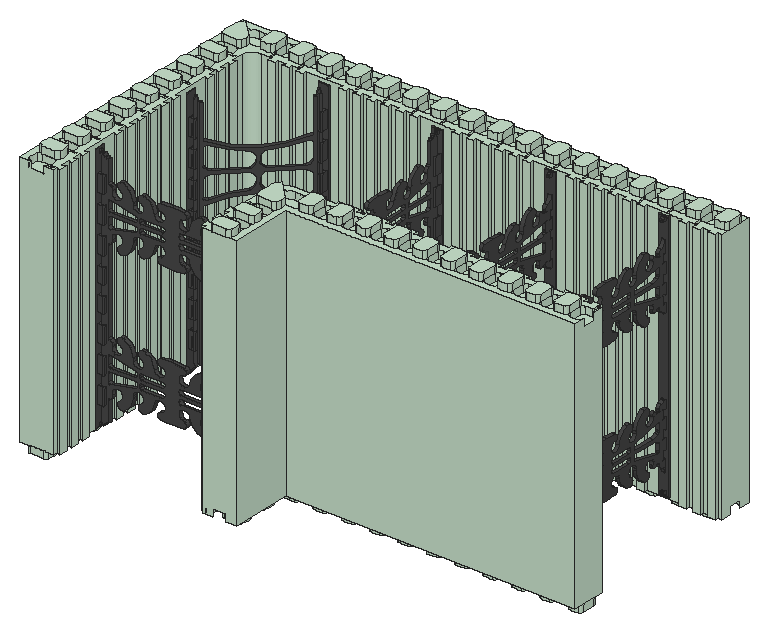
Revit family "ICF- NUDURA 10-inch- 90 Degree Form Unit- Imperial", category Generic Models, Revit 2010 (continued)
Forms (in)
  Extrusion 50, void
    sketch origin (4, 2, 0) x (-1, 0, 0) y (0, -1, 0)
      loop
        arc (-1, -3.97692) -> (-1.04785, -3.82983) -> (-1.17308, -3.73905) r 0.25
        arc (-1.17308, -3.73905) -> (-1.42092, -3.69045) -> (-1.67323, -3.70172) r 1.0625
        arc (-1.67323, -3.70172) -> (-1.72385, -3.68771) -> (-1.74592, -3.64005) r 0.0625
        line (-1.74592, -3.64005) -> (-1.74592, -3.41845) -> (-1.91675, -3.41845) -> (-1.91675, -3.76455)
        arc (-1.91675, -3.76455) -> (-1.92106, -3.78736) -> (-1.9334, -3.80702) r 0.0625
        arc (-1.9334, -3.80702) -> (-1.98276, -3.88568) -> (-2, -3.97692) r 0.25
        line (-2, -3.97692) -> (-2, -4.89808)
        arc (-2, -4.89808) -> (-1.95215, -5.04517) -> (-1.82692, -5.13595) r 0.25
    from 0 to 0.5
  Extrusion 51, void
    sketch origin (6, 2, 0) x (-1, 0, 0) y (0, -1, 0)
      loop
        arc (-1.82692, -5.13595) -> (-1.5, -5.1875) -> (-1.17308, -5.13595) r 1.0625
        arc (-1.17308, -5.13595) -> (-1.04785, -5.04517) -> (-1, -4.89808) r 0.25
        line (-1, -4.89808) -> (-1, -3.97692)
        arc (-1, -3.97692) -> (-1.04785, -3.82983) -> (-1.17308, -3.73905) r 0.25
        arc (-1.17308, -3.73905) -> (-1.42092, -3.69045) -> (-1.67323, -3.70172) r 1.0625
        arc (-1.67323, -3.70172) -> (-1.72385, -3.68771) -> (-1.74592, -3.64005) r 0.0625
        line (-1.74592, -3.64005) -> (-1.74592, -3.41845) -> (-1.91675, -3.41845) -> (-1.91675, -3.76455)
        arc (-1.91675, -3.76455) -> (-1.92106, -3.78736) -> (-1.9334, -3.80702) r 0.0625
        arc (-1.9334, -3.80702) -> (-1.98276, -3.88568) -> (-2, -3.97692) r 0.25
        line (-2, -3.97692) -> (-2, -4.89808)
        arc (-2, -4.89808) -> (-1.95215, -5.04517) -> (-1.82692, -5.13595) r 0.25
    from 0 to 0.5
  Extrusion 52, void
    sketch origin (8, 2, 0) x (-1, 0, 0) y (0, -1, 0)
      loop
        arc (-1.82692, -5.13595) -> (-1.5, -5.1875) -> (-1.17308, -5.13595) r 1.0625
        arc (-1.17308, -5.13595) -> (-1.04785, -5.04517) -> (-1, -4.89808) r 0.25
        line (-1, -4.89808) -> (-1, -3.97692)
        arc (-1, -3.97692) -> (-1.04785, -3.82983) -> (-1.17308, -3.73905) r 0.25
        arc (-1.17308, -3.73905) -> (-1.42092, -3.69045) -> (-1.67323, -3.70172) r 1.0625
        arc (-1.67323, -3.70172) -> (-1.72385, -3.68771) -> (-1.74592, -3.64005) r 0.0625
        line (-1.74592, -3.64005) -> (-1.74592, -3.41845) -> (-1.91675, -3.41845) -> (-1.91675, -3.76455)
        arc (-1.91675, -3.76455) -> (-1.92106, -3.78736) -> (-1.9334, -3.80702) r 0.0625
        arc (-1.9334, -3.80702) -> (-1.98276, -3.88568) -> (-2, -3.97692) r 0.25
        line (-2, -3.97692) -> (-2, -4.89808)
        arc (-2, -4.89808) -> (-1.95215, -5.04517) -> (-1.82692, -5.13595) r 0.25
    from 0 to 0.5
  Extrusion 53, void
    sketch origin (10, 2, 0) x (-1, 0, 0) y (0, -1, 0)
      loop
        arc (-1.82692, -5.13595) -> (-1.5, -5.1875) -> (-1.17308, -5.13595) r 1.0625
        arc (-1.17308, -5.13595) -> (-1.04785, -5.04517) -> (-1, -4.89808) r 0.25
        line (-1, -4.89808) -> (-1, -3.97692)
        arc (-1, -3.97692) -> (-1.04785, -3.82983) -> (-1.17308, -3.73905) r 0.25
        arc (-1.17308, -3.73905) -> (-1.42092, -3.69045) -> (-1.67323, -3.70172) r 1.0625
        arc (-1.67323, -3.70172) -> (-1.72385, -3.68771) -> (-1.74592, -3.64005) r 0.0625
        line (-1.74592, -3.64005) -> (-1.74592, -3.41845) -> (-1.91675, -3.41845) -> (-1.91675, -3.76455)
        arc (-1.91675, -3.76455) -> (-1.92106, -3.78736) -> (-1.9334, -3.80702) r 0.0625
        arc (-1.9334, -3.80702) -> (-1.98276, -3.88568) -> (-2, -3.97692) r 0.25
        line (-2, -3.97692) -> (-2, -4.89808)
        arc (-2, -4.89808) -> (-1.95215, -5.04517) -> (-1.82692, -5.13595) r 0.25
    from 0 to 0.5
  Extrusion 54, void
    sketch origin (12, 2, 0) x (-1, 0, 0) y (0, -1, 0)
      loop
        arc (-1.82692, -5.13595) -> (-1.5, -5.1875) -> (-1.17308, -5.13595) r 1.0625
        arc (-1.17308, -5.13595) -> (-1.04785, -5.04517) -> (-1, -4.89808) r 0.25
        line (-1, -4.89808) -> (-1, -3.97692)
        arc (-1, -3.97692) -> (-1.04785, -3.82983) -> (-1.17308, -3.73905) r 0.25
        arc (-1.17308, -3.73905) -> (-1.42092, -3.69045) -> (-1.67323, -3.70172) r 1.0625
        arc (-1.67323, -3.70172) -> (-1.72385, -3.68771) -> (-1.74592, -3.64005) r 0.0625
        line (-1.74592, -3.64005) -> (-1.74592, -3.41845) -> (-1.91675, -3.41845) -> (-1.91675, -3.76455)
        arc (-1.91675, -3.76455) -> (-1.92106, -3.78736) -> (-1.9334, -3.80702) r 0.0625
        arc (-1.9334, -3.80702) -> (-1.98276, -3.88568) -> (-2, -3.97692) r 0.25
        line (-2, -3.97692) -> (-2, -4.89808)
        arc (-2, -4.89808) -> (-1.95215, -5.04517) -> (-1.82692, -5.13595) r 0.25
    from 0 to 0.5
  Extrusion 55, void
    sketch origin (14, 2, 0) x (-1, 0, 0) y (0, -1, 0)
      loop
        arc (-1.82692, -5.13595) -> (-1.5, -5.1875) -> (-1.17308, -5.13595) r 1.0625
        arc (-1.17308, -5.13595) -> (-1.04785, -5.04517) -> (-1, -4.89808) r 0.25
        line (-1, -4.89808) -> (-1, -3.97692)
        arc (-1, -3.97692) -> (-1.04785, -3.82983) -> (-1.17308, -3.73905) r 0.25
        arc (-1.17308, -3.73905) -> (-1.42092, -3.69045) -> (-1.67323, -3.70172) r 1.0625
        arc (-1.67323, -3.70172) -> (-1.72385, -3.68771) -> (-1.74592, -3.64005) r 0.0625
        line (-1.74592, -3.64005) -> (-1.74592, -3.41845) -> (-1.91675, -3.41845) -> (-1.91675, -3.76455)
        arc (-1.91675, -3.76455) -> (-1.92106, -3.78736) -> (-1.9334, -3.80702) r 0.0625
        arc (-1.9334, -3.80702) -> (-1.98276, -3.88568) -> (-2, -3.97692) r 0.25
        line (-2, -3.97692) -> (-2, -4.89808)
        arc (-2, -4.89808) -> (-1.95215, -5.04517) -> (-1.82692, -5.13595) r 0.25
    from 0 to 0.5
  Extrusion 56, void
    sketch origin (16, 2, 0) x (-1, 0, 0) y (0, -1, 0)
      loop
        arc (-1.82692, -5.13595) -> (-1.5, -5.1875) -> (-1.17308, -5.13595) r 1.0625
        arc (-1.17308, -5.13595) -> (-1.04785, -5.04517) -> (-1, -4.89808) r 0.25
        line (-1, -4.89808) -> (-1, -3.97692)
        arc (-1, -3.97692) -> (-1.04785, -3.82983) -> (-1.17308, -3.73905) r 0.25
        arc (-1.17308, -3.73905) -> (-1.42092, -3.69045) -> (-1.67323, -3.70172) r 1.0625
        arc (-1.67323, -3.70172) -> (-1.72385, -3.68771) -> (-1.74592, -3.64005) r 0.0625
        line (-1.74592, -3.64005) -> (-1.74592, -3.41845) -> (-1.91675, -3.41845) -> (-1.91675, -3.76455)
        arc (-1.91675, -3.76455) -> (-1.92106, -3.78736) -> (-1.9334, -3.80702) r 0.0625
        arc (-1.9334, -3.80702) -> (-1.98276, -3.88568) -> (-2, -3.97692) r 0.25
        line (-2, -3.97692) -> (-2, -4.89808)
        arc (-2, -4.89808) -> (-1.95215, -5.04517) -> (-1.82692, -5.13595) r 0.25
    from 0 to 0.5
  Extrusion 57, void
    sketch origin (18, 2, 0) x (-1, 0, 0) y (0, -1, 0)
      loop
        arc (-1.82692, -5.13595) -> (-1.5, -5.1875) -> (-1.17308, -5.13595) r 1.0625
        arc (-1.17308, -5.13595) -> (-1.04785, -5.04517) -> (-1, -4.89808) r 0.25
        line (-1, -4.89808) -> (-1, -3.97692)
        arc (-1, -3.97692) -> (-1.04785, -3.82983) -> (-1.17308, -3.73905) r 0.25
        arc (-1.17308, -3.73905) -> (-1.42092, -3.69045) -> (-1.67323, -3.70172) r 1.0625
        arc (-1.67323, -3.70172) -> (-1.72385, -3.68771) -> (-1.74592, -3.64005) r 0.0625
        line (-1.74592, -3.64005) -> (-1.74592, -3.41845) -> (-1.91675, -3.41845) -> (-1.91675, -3.76455)
        arc (-1.91675, -3.76455) -> (-1.92106, -3.78736) -> (-1.9334, -3.80702) r 0.0625
        arc (-1.9334, -3.80702) -> (-1.98276, -3.88568) -> (-2, -3.97692) r 0.25
        line (-2, -3.97692) -> (-2, -4.89808)
        arc (-2, -4.89808) -> (-1.95215, -5.04517) -> (-1.82692, -5.13595) r 0.25
    from 0 to 0.5
  Extrusion 58, void
    sketch origin (20, 2, 0) x (-1, 0, 0) y (0, -1, 0)
      loop
        arc (-1.82692, -5.13595) -> (-1.5, -5.1875) -> (-1.17308, -5.13595) r 1.0625
        arc (-1.17308, -5.13595) -> (-1.04785, -5.04517) -> (-1, -4.89808) r 0.25
        line (-1, -4.89808) -> (-1, -3.97692)
        arc (-1, -3.97692) -> (-1.04785, -3.82983) -> (-1.17308, -3.73905) r 0.25
        arc (-1.17308, -3.73905) -> (-1.42092, -3.69045) -> (-1.67323, -3.70172) r 1.0625
        arc (-1.67323, -3.70172) -> (-1.72385, -3.68771) -> (-1.74592, -3.64005) r 0.0625
        line (-1.74592, -3.64005) -> (-1.74592, -3.41845) -> (-1.91675, -3.41845) -> (-1.91675, -3.76455)
        arc (-1.91675, -3.76455) -> (-1.92106, -3.78736) -> (-1.9334, -3.80702) r 0.0625
        arc (-1.9334, -3.80702) -> (-1.98276, -3.88568) -> (-2, -3.97692) r 0.25
        line (-2, -3.97692) -> (-2, -4.89808)
        arc (-2, -4.89808) -> (-1.95215, -5.04517) -> (-1.82692, -5.13595) r 0.25
    from 0 to 0.5
  Extrusion 59, void
    sketch origin (22, 2, 0) x (-1, 0, 0) y (0, -1, 0)
      loop
        arc (-1.82692, -5.13595) -> (-1.5, -5.1875) -> (-1.17308, -5.13595) r 1.0625
        arc (-1.17308, -5.13595) -> (-1.04785, -5.04517) -> (-1, -4.89808) r 0.25
        line (-1, -4.89808) -> (-1, -3.97692)
        arc (-1, -3.97692) -> (-1.04785, -3.82983) -> (-1.17308, -3.73905) r 0.25
        arc (-1.17308, -3.73905) -> (-1.42092, -3.69045) -> (-1.67323, -3.70172) r 1.0625
        arc (-1.67323, -3.70172) -> (-1.72385, -3.68771) -> (-1.74592, -3.64005) r 0.0625
        line (-1.74592, -3.64005) -> (-1.74592, -3.41845) -> (-1.91675, -3.41845) -> (-1.91675, -3.76455)
        arc (-1.91675, -3.76455) -> (-1.92106, -3.78736) -> (-1.9334, -3.80702) r 0.0625
        arc (-1.9334, -3.80702) -> (-1.98276, -3.88568) -> (-2, -3.97692) r 0.25
        line (-2, -3.97692) -> (-2, -4.89808)
        arc (-2, -4.89808) -> (-1.95215, -5.04517) -> (-1.82692, -5.13595) r 0.25
    from 0 to 0.5
  Extrusion 60, void
    sketch origin (2, -20, 0) x (1, 0, 0) y (0, 1, 0)
      loop
        arc (3.97692, 9) -> (3.82983, 8.95215) -> (3.73905, 8.82692) r 0.25
        arc (3.73905, 8.82692) -> (3.69045, 8.57908) -> (3.70172, 8.32677) r 1.0625
        arc (3.70172, 8.32677) -> (3.68771, 8.27615) -> (3.64005, 8.25408) r 0.0625
        line (3.64005, 8.25408) -> (3.41845, 8.25408) -> (3.41845, 8.08325) -> (3.76455, 8.08325)
        arc (3.76455, 8.08325) -> (3.78736, 8.07894) -> (3.80702, 8.0666) r 0.0625
        arc (3.80702, 8.0666) -> (3.88568, 8.01724) -> (3.97692, 8) r 0.25
        line (3.97692, 8) -> (4.89808, 8)
        arc (4.89808, 8) -> (5.04517, 8.04785) -> (5.13595, 8.17308) r 0.25
        arc (5.13595, 8.17308) -> (5.1875, 8.5) -> (5.13595, 8.82692) r 1.0625
        arc (5.13595, 8.82692) -> (5.04517, 8.95215) -> (4.89808, 9) r 0.25
        line (4.89808, 9) -> (3.97692, 9)
    from 0 to 0.5
  Extrusion 61, void
    sketch origin (2, -18, 0) x (1, 0, 0) y (0, 1, 0)
      loop
        arc (3.97692, 9) -> (3.82983, 8.95215) -> (3.73905, 8.82692) r 0.25
        arc (3.73905, 8.82692) -> (3.69045, 8.57908) -> (3.70172, 8.32677) r 1.0625
        arc (3.70172, 8.32677) -> (3.68771, 8.27615) -> (3.64005, 8.25408) r 0.0625
        line (3.64005, 8.25408) -> (3.41845, 8.25408) -> (3.41845, 8.08325) -> (3.76455, 8.08325)
        arc (3.76455, 8.08325) -> (3.78736, 8.07894) -> (3.80702, 8.0666) r 0.0625
        arc (3.80702, 8.0666) -> (3.88568, 8.01724) -> (3.97692, 8) r 0.25
        line (3.97692, 8) -> (4.89808, 8)
        arc (4.89808, 8) -> (5.04517, 8.04785) -> (5.13595, 8.17308) r 0.25
        arc (5.13595, 8.17308) -> (5.1875, 8.5) -> (5.13595, 8.82692) r 1.0625
        arc (5.13595, 8.82692) -> (5.04517, 8.95215) -> (4.89808, 9) r 0.25
        line (4.89808, 9) -> (3.97692, 9)
    from 0 to 0.5
  Extrusion 62, void
    sketch origin (2, -2, 0) x (0, -1, 0) y (1, 0, 0)
      loop
        line (4.6875, 3.6875) -> (5.5, 3.6875)
        arc (5.5, 3.6875) -> (5.58691, 3.69106) -> (5.67323, 3.70172) r 1.0625
        arc (5.67323, 3.70172) -> (5.72385, 3.68771) -> (5.74592, 3.64005) r 0.0625
        line (5.74592, 3.64005) -> (5.74592, 3.41845) -> (5.91675, 3.41845) -> (5.91675, 3.76455)
        arc (5.91675, 3.76455) -> (5.92106, 3.78736) -> (5.9334, 3.80702) r 0.0625
        arc (5.9334, 3.80702) -> (5.98276, 3.88568) -> (6, 3.97692) r 0.25
        line (6, 3.97692) -> (6, 4.89808)
        arc (6, 4.89808) -> (5.95215, 5.04517) -> (5.82692, 5.13595) r 0.25
        arc (5.82692, 5.13595) -> (5.66548, 5.17453) -> (5.5, 5.1875) r 1.0625
        line (5.5, 5.1875) -> (5.1875, 5.1875) -> (3.98039, 3.98039)
        arc (3.98039, 3.98039) -> (4.30482, 3.76362) -> (4.6875, 3.6875) r 1
    from 0 to 0.5
  Extrusion 63, void
    sketch origin (16, -2, 0) x (-1, 0, 0) y (0, -1, 0)
      loop
        arc (7, 3.97692) -> (7.04785, 3.82983) -> (7.17308, 3.73905) r 0.25
        arc (7.17308, 3.73905) -> (7.42092, 3.69045) -> (7.67323, 3.70172) r 1.0625
        arc (7.67323, 3.70172) -> (7.72385, 3.68771) -> (7.74592, 3.64005) r 0.0625
        line (7.74592, 3.64005) -> (7.74592, 3.41845) -> (7.91675, 3.41845) -> (7.91675, 3.76455)
        arc (7.91675, 3.76455) -> (7.92106, 3.78736) -> (7.9334, 3.80702) r 0.0625
        arc (7.9334, 3.80702) -> (7.98276, 3.88568) -> (8, 3.97692) r 0.25
        line (8, 3.97692) -> (8, 4.89808)
        arc (8, 4.89808) -> (7.95215, 5.04517) -> (7.82692, 5.13595) r 0.25
        arc (7.82692, 5.13595) -> (7.5, 5.1875) -> (7.17308, 5.13595) r 1.0625
        arc (7.17308, 5.13595) -> (7.04785, 5.04517) -> (7, 4.89808) r 0.25
        line (7, 4.89808) -> (7, 3.97692)
    from 0 to 0.5
  Extrusion 64, void
    sketch origin (18, -2, 0) x (-1, 0, 0) y (0, -1, 0)
      loop
        arc (7, 3.97692) -> (7.04785, 3.82983) -> (7.17308, 3.73905) r 0.25
        arc (7.17308, 3.73905) -> (7.42092, 3.69045) -> (7.67323, 3.70172) r 1.0625
        arc (7.67323, 3.70172) -> (7.72385, 3.68771) -> (7.74592, 3.64005) r 0.0625
        line (7.74592, 3.64005) -> (7.74592, 3.41845) -> (7.91675, 3.41845) -> (7.91675, 3.76455)
        arc (7.91675, 3.76455) -> (7.92106, 3.78736) -> (7.9334, 3.80702) r 0.0625
        arc (7.9334, 3.80702) -> (7.98276, 3.88568) -> (8, 3.97692) r 0.25
        line (8, 3.97692) -> (8, 4.89808)
        arc (8, 4.89808) -> (7.95215, 5.04517) -> (7.82692, 5.13595) r 0.25
        arc (7.82692, 5.13595) -> (7.5, 5.1875) -> (7.17308, 5.13595) r 1.0625
        arc (7.17308, 5.13595) -> (7.04785, 5.04517) -> (7, 4.89808) r 0.25
        line (7, 4.89808) -> (7, 3.97692)
    from 0 to 0.5
  Extrusion 65, void
    sketch origin (20, -2, 0) x (-1, 0, 0) y (0, -1, 0)
      loop
        arc (7, 3.97692) -> (7.04785, 3.82983) -> (7.17308, 3.73905) r 0.25
        arc (7.17308, 3.73905) -> (7.42092, 3.69045) -> (7.67323, 3.70172) r 1.0625
        arc (7.67323, 3.70172) -> (7.72385, 3.68771) -> (7.74592, 3.64005) r 0.0625
        line (7.74592, 3.64005) -> (7.74592, 3.41845) -> (7.91675, 3.41845) -> (7.91675, 3.76455)
        arc (7.91675, 3.76455) -> (7.92106, 3.78736) -> (7.9334, 3.80702) r 0.0625
        arc (7.9334, 3.80702) -> (7.98276, 3.88568) -> (8, 3.97692) r 0.25
        line (8, 3.97692) -> (8, 4.89808)
        arc (8, 4.89808) -> (7.95215, 5.04517) -> (7.82692, 5.13595) r 0.25
        arc (7.82692, 5.13595) -> (7.5, 5.1875) -> (7.17308, 5.13595) r 1.0625
        arc (7.17308, 5.13595) -> (7.04785, 5.04517) -> (7, 4.89808) r 0.25
        line (7, 4.89808) -> (7, 3.97692)
    from 0 to 0.5
  Extrusion 66, void
    sketch origin (22, -2, 0) x (-1, 0, 0) y (0, -1, 0)
      loop
        arc (7, 3.97692) -> (7.04785, 3.82983) -> (7.17308, 3.73905) r 0.25
        arc (7.17308, 3.73905) -> (7.42092, 3.69045) -> (7.67323, 3.70172) r 1.0625
        arc (7.67323, 3.70172) -> (7.72385, 3.68771) -> (7.74592, 3.64005) r 0.0625
        line (7.74592, 3.64005) -> (7.74592, 3.41845) -> (7.91675, 3.41845) -> (7.91675, 3.76455)
        arc (7.91675, 3.76455) -> (7.92106, 3.78736) -> (7.9334, 3.80702) r 0.0625
        arc (7.9334, 3.80702) -> (7.98276, 3.88568) -> (8, 3.97692) r 0.25
        line (8, 3.97692) -> (8, 4.89808)
        arc (8, 4.89808) -> (7.95215, 5.04517) -> (7.82692, 5.13595) r 0.25
        arc (7.82692, 5.13595) -> (7.5, 5.1875) -> (7.17308, 5.13595) r 1.0625
        arc (7.17308, 5.13595) -> (7.04785, 5.04517) -> (7, 4.89808) r 0.25
        line (7, 4.89808) -> (7, 3.97692)
    from 0 to 0.5
  Extrusion 67, void
    sketch origin (24, -2, 0) x (-1, 0, 0) y (0, -1, 0)
      loop
        arc (7, 3.97692) -> (7.04785, 3.82983) -> (7.17308, 3.73905) r 0.25
        arc (7.17308, 3.73905) -> (7.42092, 3.69045) -> (7.67323, 3.70172) r 1.0625
        arc (7.67323, 3.70172) -> (7.72385, 3.68771) -> (7.74592, 3.64005) r 0.0625
        line (7.74592, 3.64005) -> (7.74592, 3.41845) -> (7.91675, 3.41845) -> (7.91675, 3.76455)
        arc (7.91675, 3.76455) -> (7.92106, 3.78736) -> (7.9334, 3.80702) r 0.0625
        arc (7.9334, 3.80702) -> (7.98276, 3.88568) -> (8, 3.97692) r 0.25
        line (8, 3.97692) -> (8, 4.89808)
        arc (8, 4.89808) -> (7.95215, 5.04517) -> (7.82692, 5.13595) r 0.25
        arc (7.82692, 5.13595) -> (7.5, 5.1875) -> (7.17308, 5.13595) r 1.0625
        arc (7.17308, 5.13595) -> (7.04785, 5.04517) -> (7, 4.89808) r 0.25
        line (7, 4.89808) -> (7, 3.97692)
    from 0 to 0.5
  Extrusion 68, void
    sketch origin (26, -2, 0) x (-1, 0, 0) y (0, -1, 0)
      loop
        arc (7, 3.97692) -> (7.04785, 3.82983) -> (7.17308, 3.73905) r 0.25
        arc (7.17308, 3.73905) -> (7.42092, 3.69045) -> (7.67323, 3.70172) r 1.0625
        arc (7.67323, 3.70172) -> (7.72385, 3.68771) -> (7.74592, 3.64005) r 0.0625
        line (7.74592, 3.64005) -> (7.74592, 3.41845) -> (7.91675, 3.41845) -> (7.91675, 3.76455)
        arc (7.91675, 3.76455) -> (7.92106, 3.78736) -> (7.9334, 3.80702) r 0.0625
        arc (7.9334, 3.80702) -> (7.98276, 3.88568) -> (8, 3.97692) r 0.25
        line (8, 3.97692) -> (8, 4.89808)
        arc (8, 4.89808) -> (7.95215, 5.04517) -> (7.82692, 5.13595) r 0.25
        arc (7.82692, 5.13595) -> (7.5, 5.1875) -> (7.17308, 5.13595) r 1.0625
        arc (7.17308, 5.13595) -> (7.04785, 5.04517) -> (7, 4.89808) r 0.25
        line (7, 4.89808) -> (7, 3.97692)
    from 0 to 0.5
  Extrusion 69, void
    sketch origin (28, -2, 0) x (-1, 0, 0) y (0, -1, 0)
      loop
        arc (7, 3.97692) -> (7.04785, 3.82983) -> (7.17308, 3.73905) r 0.25
        arc (7.17308, 3.73905) -> (7.42092, 3.69045) -> (7.67323, 3.70172) r 1.0625
        arc (7.67323, 3.70172) -> (7.72385, 3.68771) -> (7.74592, 3.64005) r 0.0625
        line (7.74592, 3.64005) -> (7.74592, 3.41845) -> (7.91675, 3.41845) -> (7.91675, 3.76455)
        arc (7.91675, 3.76455) -> (7.92106, 3.78736) -> (7.9334, 3.80702) r 0.0625
        arc (7.9334, 3.80702) -> (7.98276, 3.88568) -> (8, 3.97692) r 0.25
        line (8, 3.97692) -> (8, 4.89808)
        arc (8, 4.89808) -> (7.95215, 5.04517) -> (7.82692, 5.13595) r 0.25
        arc (7.82692, 5.13595) -> (7.5, 5.1875) -> (7.17308, 5.13595) r 1.0625
        arc (7.17308, 5.13595) -> (7.04785, 5.04517) -> (7, 4.89808) r 0.25
        line (7, 4.89808) -> (7, 3.97692)
    from 0 to 0.5
  Extrusion 70, void
    sketch origin (30, -2, 0) x (-1, 0, 0) y (0, -1, 0)
      loop
        arc (7, 3.97692) -> (7.04785, 3.82983) -> (7.17308, 3.73905) r 0.25
        arc (7.17308, 3.73905) -> (7.42092, 3.69045) -> (7.67323, 3.70172) r 1.0625
        arc (7.67323, 3.70172) -> (7.72385, 3.68771) -> (7.74592, 3.64005) r 0.0625
        line (7.74592, 3.64005) -> (7.74592, 3.41845) -> (7.91675, 3.41845) -> (7.91675, 3.76455)
        arc (7.91675, 3.76455) -> (7.92106, 3.78736) -> (7.9334, 3.80702) r 0.0625
        arc (7.9334, 3.80702) -> (7.98276, 3.88568) -> (8, 3.97692) r 0.25
        line (8, 3.97692) -> (8, 4.89808)
        arc (8, 4.89808) -> (7.95215, 5.04517) -> (7.82692, 5.13595) r 0.25
        arc (7.82692, 5.13595) -> (7.5, 5.1875) -> (7.17308, 5.13595) r 1.0625
        arc (7.17308, 5.13595) -> (7.04785, 5.04517) -> (7, 4.89808) r 0.25
        line (7, 4.89808) -> (7, 3.97692)
    from 0 to 0.5
  Extrusion 71, void
    sketch origin (32, -2, 0) x (-1, 0, 0) y (0, -1, 0)
      loop
        arc (7, 3.97692) -> (7.04785, 3.82983) -> (7.17308, 3.73905) r 0.25
        arc (7.17308, 3.73905) -> (7.42092, 3.69045) -> (7.67323, 3.70172) r 1.0625
        arc (7.67323, 3.70172) -> (7.72385, 3.68771) -> (7.74592, 3.64005) r 0.0625
        line (7.74592, 3.64005) -> (7.74592, 3.41845) -> (7.91675, 3.41845) -> (7.91675, 3.76455)
        arc (7.91675, 3.76455) -> (7.92106, 3.78736) -> (7.9334, 3.80702) r 0.0625
        arc (7.9334, 3.80702) -> (7.98276, 3.88568) -> (8, 3.97692) r 0.25
        line (8, 3.97692) -> (8, 4.89808)
        arc (8, 4.89808) -> (7.95215, 5.04517) -> (7.82692, 5.13595) r 0.25
        arc (7.82692, 5.13595) -> (7.5, 5.1875) -> (7.17308, 5.13595) r 1.0625
        arc (7.17308, 5.13595) -> (7.04785, 5.04517) -> (7, 4.89808) r 0.25
        line (7, 4.89808) -> (7, 3.97692)
    from 0 to 0.5
  Extrusion 72, void
    sketch origin (34, -2, 0) x (-1, 0, 0) y (0, -1, 0)
      loop
        arc (7, 3.97692) -> (7.04785, 3.82983) -> (7.17308, 3.73905) r 0.25
        arc (7.17308, 3.73905) -> (7.42092, 3.69045) -> (7.67323, 3.70172) r 1.0625
        arc (7.67323, 3.70172) -> (7.72385, 3.68771) -> (7.74592, 3.64005) r 0.0625
        line (7.74592, 3.64005) -> (7.74592, 3.41845) -> (7.91675, 3.41845) -> (7.91675, 3.76455)
        arc (7.91675, 3.76455) -> (7.92106, 3.78736) -> (7.9334, 3.80702) r 0.0625
        arc (7.9334, 3.80702) -> (7.98276, 3.88568) -> (8, 3.97692) r 0.25
        line (8, 3.97692) -> (8, 4.89808)
        arc (8, 4.89808) -> (7.95215, 5.04517) -> (7.82692, 5.13595) r 0.25
        arc (7.82692, 5.13595) -> (7.5, 5.1875) -> (7.17308, 5.13595) r 1.0625
        arc (7.17308, 5.13595) -> (7.04785, 5.04517) -> (7, 4.89808) r 0.25
        line (7, 4.89808) -> (7, 3.97692)
    from 0 to 0.5
  Extrusion 73, void
    sketch origin (-2, 2, 0) x (1, 0, 0) y (0, 1, 0)
      loop
        line (-3.6875, 3.6875) -> (-4.89461, 4.89461)
        arc (-4.89461, 4.89461) -> (-5.11138, 4.57018) -> (-5.1875, 4.1875) r 1
        line (-5.1875, 4.1875) -> (-5.1875, 3.5)
        arc (-5.1875, 3.5) -> (-5.17453, 3.33452) -> (-5.13595, 3.17308) r 1.0625
        arc (-5.13595, 3.17308) -> (-5.04517, 3.04785) -> (-4.89808, 3) r 0.25
        line (-4.89808, 3) -> (-3.97692, 3)
        arc (-3.97692, 3) -> (-3.82983, 3.04785) -> (-3.73905, 3.17308) r 0.25
        arc (-3.73905, 3.17308) -> (-3.70047, 3.33452) -> (-3.6875, 3.5) r 1.0625
        line (-3.6875, 3.5) -> (-3.6875, 3.6875)
    from 0 to 0.5
  Extrusion 74, solid, material "NUDURA Expanded Polystyrene Foam Insulation"
    sketch origin (2, -2, 0) x (1, 0, 0) y (0, 1, 0)
      loop
        line (5.1875, -5.1875) -> (5.5, -5.1875)
        arc (5.5, -5.1875) -> (5.66548, -5.17453) -> (5.82692, -5.13595) r 1.0625
        arc (5.82692, -5.13595) -> (5.95215, -5.04517) -> (6, -4.89808) r 0.25
        line (6, -4.89808) -> (6, -3.97692)
        arc (6, -3.97692) -> (5.98276, -3.88568) -> (5.9334, -3.80702) r 0.25
        arc (5.9334, -3.80702) -> (5.88453, -3.7662) -> (5.82692, -3.73905) r 0.25
        arc (5.82692, -3.73905) -> (5.75077, -3.71752) -> (5.67323, -3.70172) r 1.0625
        arc (5.67323, -3.70172) -> (5.58691, -3.69106) -> (5.5, -3.6875) r 1.0625
        line (5.5, -3.6875) -> (4.6875, -3.6875)
        arc (4.6875, -3.6875) -> (4.30482, -3.76362) -> (3.98039, -3.98039) r 1
        line (3.98039, -3.98039) -> (5.1875, -5.1875)
    from 0 to -0.5
  Extrusion 75, solid, material "NUDURA Expanded Polystyrene Foam Insulation"
    sketch origin (-2, 2, 0) x (1, 0, 0) y (0, 1, 0)
      loop
        arc (-4.1875, 5.1875) -> (-4.57018, 5.11138) -> (-4.89461, 4.89461) r 1
        line (-4.89461, 4.89461) -> (-3.6875, 3.6875) -> (-3.5, 3.6875)
        arc (-3.5, 3.6875) -> (-3.33452, 3.70047) -> (-3.17308, 3.73905) r 1.0625
        arc (-3.17308, 3.73905) -> (-3.04785, 3.82983) -> (-3, 3.97692) r 0.25
        line (-3, 3.97692) -> (-3, 4.89808)
        arc (-3, 4.89808) -> (-3.04785, 5.04517) -> (-3.17308, 5.13595) r 0.25
        arc (-3.17308, 5.13595) -> (-3.33452, 5.17453) -> (-3.5, 5.1875) r 1.0625
        line (-3.5, 5.1875) -> (-4.1875, 5.1875)
    from 0 to -0.5
  Extrusion 76, void
    sketch origin (-2, 0, 0) x (1, 0, 0) y (0, 1, 0)
      loop
        arc (-5.13595, -9.82692) -> (-5.04517, -9.95215) -> (-4.89808, -10) r 0.25
        line (-4.89808, -10) -> (-3.97692, -10)
        arc (-3.97692, -10) -> (-3.88568, -9.98276) -> (-3.80702, -9.9334) r 0.25
        arc (-3.80702, -9.9334) -> (-3.78736, -9.92106) -> (-3.76455, -9.91675) r 0.0625
        line (-3.76455, -9.91675) -> (-3.41845, -9.91675) -> (-3.41845, -9.74592) -> (-3.64005, -9.74592)
        arc (-3.64005, -9.74592) -> (-3.68771, -9.72385) -> (-3.70172, -9.67323) r 0.0625
        arc (-3.70172, -9.67323) -> (-3.69045, -9.42092) -> (-3.73905, -9.17308) r 1.0625
        arc (-3.73905, -9.17308) -> (-3.82983, -9.04785) -> (-3.97692, -9) r 0.25
        line (-3.97692, -9) -> (-4.89808, -9)
        arc (-4.89808, -9) -> (-5.04517, -9.04785) -> (-5.13595, -9.17308) r 0.25
        arc (-5.13595, -9.17308) -> (-5.1875, -9.5) -> (-5.13595, -9.82692) r 1.0625
    from 18 to 17.5
  Extrusion 77, void
    sketch origin (26, 2, 0) x (1, 0, 0) y (0, 1, 0)
      loop
        arc (-1.82692, 5.13595) -> (-1.95215, 5.04517) -> (-2, 4.89808) r 0.25
        line (-2, 4.89808) -> (-2, 3.97692)
        arc (-2, 3.97692) -> (-1.98276, 3.88568) -> (-1.9334, 3.80702) r 0.25
        arc (-1.9334, 3.80702) -> (-1.92106, 3.78736) -> (-1.91675, 3.76455) r 0.0625
        line (-1.91675, 3.76455) -> (-1.91675, 3.41845) -> (-1.74592, 3.41845) -> (-1.74592, 3.64005)
        arc (-1.74592, 3.64005) -> (-1.72385, 3.68771) -> (-1.67323, 3.70172) r 0.0625
        arc (-1.67323, 3.70172) -> (-1.42092, 3.69045) -> (-1.17308, 3.73905) r 1.0625
        arc (-1.17308, 3.73905) -> (-1.04785, 3.82983) -> (-1, 3.97692) r 0.25
        line (-1, 3.97692) -> (-1, 4.89808)
        arc (-1, 4.89808) -> (-1.04785, 5.04517) -> (-1.17308, 5.13595) r 0.25
        arc (-1.17308, 5.13595) -> (-1.5, 5.1875) -> (-1.82692, 5.13595) r 1.0625
    from 18 to 17.5
  Extrusion 78, void
    sketch origin (24, 2, 0) x (-1, 0, 0) y (0, -1, 0)
      loop
        arc (-1.82692, -5.13595) -> (-1.5, -5.1875) -> (-1.17308, -5.13595) r 1.0625
        arc (-1.17308, -5.13595) -> (-1.04785, -5.04517) -> (-1, -4.89808) r 0.25
        line (-1, -4.89808) -> (-1, -3.97692)
        arc (-1, -3.97692) -> (-1.04785, -3.82983) -> (-1.17308, -3.73905) r 0.25
        arc (-1.17308, -3.73905) -> (-1.42092, -3.69045) -> (-1.67323, -3.70172) r 1.0625
        arc (-1.67323, -3.70172) -> (-1.72385, -3.68771) -> (-1.74592, -3.64005) r 0.0625
        line (-1.74592, -3.64005) -> (-1.74592, -3.41845) -> (-1.91675, -3.41845) -> (-1.91675, -3.76455)
        arc (-1.91675, -3.76455) -> (-1.92106, -3.78736) -> (-1.9334, -3.80702) r 0.0625
        arc (-1.9334, -3.80702) -> (-1.98276, -3.88568) -> (-2, -3.97692) r 0.25
        line (-2, -3.97692) -> (-2, -4.89808)
        arc (-2, -4.89808) -> (-1.95215, -5.04517) -> (-1.82692, -5.13595) r 0.25
    from 0 to 0.5
  Extrusion 79, void
    sketch origin (-2, 3.40791, 0) x (1, 0, 0) y (0, 1, 0)
      loop
        arc (-5.13595, -11.58099) -> (-5.1875, -11.90791) -> (-5.13595, -12.23483) r 1.0625
        arc (-5.13595, -12.23483) -> (-5.04517, -12.36006) -> (-4.89808, -12.40791) r 0.25
        line (-4.89808, -12.40791) -> (-3.97692, -12.40791)
        arc (-3.97692, -12.40791) -> (-3.82983, -12.36006) -> (-3.73905, -12.23483) r 0.25
        arc (-3.73905, -12.23483) -> (-3.69045, -11.98699) -> (-3.70172, -11.73468) r 1.0625
        arc (-3.70172, -11.73468) -> (-3.68771, -11.68406) -> (-3.64005, -11.66199) r 0.0625
        line (-3.64005, -11.66199) -> (-3.41845, -11.66199) -> (-3.41845, -11.49116) -> (-3.76455, -11.49116)
        arc (-3.76455, -11.49116) -> (-3.78736, -11.48685) -> (-3.80702, -11.47451) r 0.0625
        arc (-3.80702, -11.47451) -> (-3.88568, -11.42516) -> (-3.97692, -11.40791) r 0.25
        line (-3.97692, -11.40791) -> (-4.89808, -11.40791)
        arc (-4.89808, -11.40791) -> (-5.04517, -11.45576) -> (-5.13595, -11.58099) r 0.25
    from 0 to 0.5
  Extrusion 80, void
    sketch origin (-2, -2, 0) x (1, 0, 0) y (0, 1, 0)
      loop
        arc (-5.13595, -9.82692) -> (-5.04517, -9.95215) -> (-4.89808, -10) r 0.25
        line (-4.89808, -10) -> (-3.97692, -10)
        arc (-3.97692, -10) -> (-3.88568, -9.98276) -> (-3.80702, -9.9334) r 0.25
        arc (-3.80702, -9.9334) -> (-3.78736, -9.92106) -> (-3.76455, -9.91675) r 0.0625
        line (-3.76455, -9.91675) -> (-3.41845, -9.91675) -> (-3.41845, -9.74592) -> (-3.64005, -9.74592)
        arc (-3.64005, -9.74592) -> (-3.68771, -9.72385) -> (-3.70172, -9.67323) r 0.0625
        arc (-3.70172, -9.67323) -> (-3.69045, -9.42092) -> (-3.73905, -9.17308) r 1.0625
        arc (-3.73905, -9.17308) -> (-3.82983, -9.04785) -> (-3.97692, -9) r 0.25
        line (-3.97692, -9) -> (-4.89808, -9)
        arc (-4.89808, -9) -> (-5.04517, -9.04785) -> (-5.13595, -9.17308) r 0.25
        arc (-5.13595, -9.17308) -> (-5.1875, -9.5) -> (-5.13595, -9.82692) r 1.0625
    from 18 to 17.5
  Extrusion 81, void
    sketch origin (-2, 1.40791, 0) x (1, 0, 0) y (0, 1, 0)
      loop
        arc (-5.13595, -11.58099) -> (-5.1875, -11.90791) -> (-5.13595, -12.23483) r 1.0625
        arc (-5.13595, -12.23483) -> (-5.04517, -12.36006) -> (-4.89808, -12.40791) r 0.25
        line (-4.89808, -12.40791) -> (-3.97692, -12.40791)
        arc (-3.97692, -12.40791) -> (-3.82983, -12.36006) -> (-3.73905, -12.23483) r 0.25
        arc (-3.73905, -12.23483) -> (-3.69045, -11.98699) -> (-3.70172, -11.73468) r 1.0625
        arc (-3.70172, -11.73468) -> (-3.68771, -11.68406) -> (-3.64005, -11.66199) r 0.0625
        line (-3.64005, -11.66199) -> (-3.41845, -11.66199) -> (-3.41845, -11.49116) -> (-3.76455, -11.49116)
        arc (-3.76455, -11.49116) -> (-3.78736, -11.48685) -> (-3.80702, -11.47451) r 0.0625
        arc (-3.80702, -11.47451) -> (-3.88568, -11.42516) -> (-3.97692, -11.40791) r 0.25
        line (-3.97692, -11.40791) -> (-4.89808, -11.40791)
        arc (-4.89808, -11.40791) -> (-5.04517, -11.45576) -> (-5.13595, -11.58099) r 0.25
    from 0 to 0.5
  Extrusion 82, void
    sketch origin (28, 2, 0) x (1, 0, 0) y (0, 1, 0)
      loop
        arc (-1.82692, 5.13595) -> (-1.95215, 5.04517) -> (-2, 4.89808) r 0.25
        line (-2, 4.89808) -> (-2, 3.97692)
        arc (-2, 3.97692) -> (-1.98276, 3.88568) -> (-1.9334, 3.80702) r 0.25
        arc (-1.9334, 3.80702) -> (-1.92106, 3.78736) -> (-1.91675, 3.76455) r 0.0625
        line (-1.91675, 3.76455) -> (-1.91675, 3.41845) -> (-1.74592, 3.41845) -> (-1.74592, 3.64005)
        arc (-1.74592, 3.64005) -> (-1.72385, 3.68771) -> (-1.67323, 3.70172) r 0.0625
        arc (-1.67323, 3.70172) -> (-1.42092, 3.69045) -> (-1.17308, 3.73905) r 1.0625
        arc (-1.17308, 3.73905) -> (-1.04785, 3.82983) -> (-1, 3.97692) r 0.25
        line (-1, 3.97692) -> (-1, 4.89808)
        arc (-1, 4.89808) -> (-1.04785, 5.04517) -> (-1.17308, 5.13595) r 0.25
        arc (-1.17308, 5.13595) -> (-1.5, 5.1875) -> (-1.82692, 5.13595) r 1.0625
    from 18 to 17.5
  Extrusion 83, void
    sketch origin (26, 2, 0) x (-1, 0, 0) y (0, -1, 0)
      loop
        arc (-1.82692, -5.13595) -> (-1.5, -5.1875) -> (-1.17308, -5.13595) r 1.0625
        arc (-1.17308, -5.13595) -> (-1.04785, -5.04517) -> (-1, -4.89808) r 0.25
        line (-1, -4.89808) -> (-1, -3.97692)
        arc (-1, -3.97692) -> (-1.04785, -3.82983) -> (-1.17308, -3.73905) r 0.25
        arc (-1.17308, -3.73905) -> (-1.42092, -3.69045) -> (-1.67323, -3.70172) r 1.0625
        arc (-1.67323, -3.70172) -> (-1.72385, -3.68771) -> (-1.74592, -3.64005) r 0.0625
        line (-1.74592, -3.64005) -> (-1.74592, -3.41845) -> (-1.91675, -3.41845) -> (-1.91675, -3.76455)
        arc (-1.91675, -3.76455) -> (-1.92106, -3.78736) -> (-1.9334, -3.80702) r 0.0625
        arc (-1.9334, -3.80702) -> (-1.98276, -3.88568) -> (-2, -3.97692) r 0.25
        line (-2, -3.97692) -> (-2, -4.89808)
        arc (-2, -4.89808) -> (-1.95215, -5.04517) -> (-1.82692, -5.13595) r 0.25
    from 0 to 0.5
Cuts and joins
  Extrusion 4, Extrusion 5, Extrusion 6, Extrusion 7, Extrusion 8, Extrusion 9, Extrusion 10, Extrusion 11, Extrusion 12, Extrusion 13, Extrusion 14, Extrusion 15, Extrusion 16, Extrusion 17, Extrusion 18, Extrusion 19, Extrusion 20, Extrusion 21, Extrusion 22, Extrusion 23, Extrusion 24, Extrusion 25, Extrusion 26, Extrusion 27, Extrusion 28, Extrusion 29, Extrusion 30, Extrusion 31, Extrusion 32, Extrusion 33, Extrusion 34, Extrusion 35, Extrusion 36, Extrusion 37, Extrusion 38, Extrusion 39, Extrusion 40, Extrusion 41, Extrusion 42, Extrusion 43, Extrusion 44, Extrusion 45, Extrusion 46, Extrusion 47, Extrusion 48, Extrusion 49, Extrusion 50, Extrusion 51, Extrusion 52, Extrusion 53, Extrusion 54, Extrusion 55, Extrusion 56, Extrusion 57, Extrusion 58, Extrusion 59, Extrusion 60, Extrusion 61, Extrusion 62, Extrusion 63, Extrusion 64, Extrusion 65, Extrusion 66, Extrusion 67, Extrusion 68, Extrusion 69, Extrusion 70, Extrusion 71, Extrusion 72, Extrusion 73, Extrusion 76, Extrusion 77, Extrusion 78, Extrusion 79, Extrusion 80, Extrusion 81, Extrusion 82, Extrusion 83 cuts Extrusion 1
  Extrusion 10, Extrusion 13 cuts Extrusion 3
  Extrusion 14 cuts Extrusion 2
Lines and regions (in)
  model lines
    curve 1: line (20.00256, 7.625, 18) -> (20.00256, 7.625, 0)
    curve 2: line (4, 7.625, 18) -> (4, 7.625, 0)
    curve 3: line (-7.625, 4, 18) -> (-7.625, 4, 0)
    curve 4: line (-6, 7.625, 0) -> (-6, 7.625, 18)
    curve 5: line (-7.625, 6, 18) -> (-7.625, 6, 0)
Dimensions and locks (in)
  locked: plane 4 to plane 5 at 10
  locked: plane 7 to plane 6 at 10
  locked: level to plane 10 at 18
  aligned and locked: plane 10 to Extrusion 1
  aligned and locked: nested 75 to cut or joined group 1 (Extrusion 1, Extrusion 4, Extrusion 5, Extrusion 6, Extrusion 7, Extrusion 8, Extrusion 9, Extrusion 10, Extrusion 11, Extrusion 12, Extrusion 13, Extrusion 14, Extrusion 15, Extrusion 16, Extrusion 17, Extrusion 18, Extrusion 19, Extrusion 20, Extrusion 21, Extrusion 22, Extrusion 23, Extrusion 24, Extrusion 25, Extrusion 26, Extrusion 27, Extrusion 28, Extrusion 29, Extrusion 30, Extrusion 31, Extrusion 32, Extrusion 33, Extrusion 34, Extrusion 35, Extrusion 36, Extrusion 37, Extrusion 38, Extrusion 39, Extrusion 40, Extrusion 41, Extrusion 42, Extrusion 43, Extrusion 44, Extrusion 45, Extrusion 46, Extrusion 47, Extrusion 48, Extrusion 49, Extrusion 50, Extrusion 51, Extrusion 52, Extrusion 53, Extrusion 54, Extrusion 55, Extrusion 56, Extrusion 57, Extrusion 58, Extrusion 59, Extrusion 60, Extrusion 61, Extrusion 62, Extrusion 63, Extrusion 64, Extrusion 65, Extrusion 66, Extrusion 67, Extrusion 68, Extrusion 69, Extrusion 70, Extrusion 71, Extrusion 72, Extrusion 73, Extrusion 76, Extrusion 77, Extrusion 78, Extrusion 79, Extrusion 80, Extrusion 81, Extrusion 82, Extrusion 83)
  aligned and locked: nested 81 to nested 75
  aligned and locked: cut or joined group 1 to nested 82
  aligned: nested 70 to cut or joined group 1
  aligned and locked: cut or joined group 1 to nested 90
  aligned and locked: nested 88 to cut or joined group 1
Nested families (in)
  nested 1: "Interlock Tooth" at (-2, -6, 0) x (0, -1, 0) z (0, 0, 1), type "Interlock Tooth"
  nested 2: "Interlock Tooth" at (-2, -4, 0) x (0, -1, 0) z (0, 0, 1), type "Interlock Tooth"
  nested 3: "Interlock Tooth" at (-2, -2, 0) x (0, -1, 0) z (0, 0, 1), type "Interlock Tooth"
  nested 4: "Interlock Tooth" at (-2, 0, 0) x (0, -1, 0) z (0, 0, 1), type "Interlock Tooth"
  nested 5: "Interlock Tooth" at (-2, 2, 0) x (0, -1, 0) z (0, 0, 1), type "Interlock Tooth"
  nested 6: "Interlock Tooth" at (-2, 4, 0) x (0, -1, 0) z (0, 0, 1), type "Interlock Tooth"
  nested 7: "Interlock Tooth" at (2, -11, 0) x (0, -1, 0) z (0, 0, 1), type "Interlock Tooth"
  nested 8: "Interlock Tooth" at (2, -9, 0) x (0, -1, 0) z (0, 0, 1), type "Interlock Tooth"
  nested 9: "Interlock Tooth" at (2, -10, -18.5) x (0, -1, 0) z (0, 0, 1), type "Interlock Tooth"
  nested 10: "Interlock Tooth" at (2, -8, -18.5) x (0, -1, 0) z (0, 0, 1), type "Interlock Tooth"
  nested 11: "Interlock Tooth" at (-10.875, -7, -18.5) x (0, -1, 0) z (0, 0, 1), type "Interlock Tooth"
  nested 12: "Interlock Tooth" at (-10.875, -5, -18.5) x (0, -1, 0) z (0, 0, 1), type "Interlock Tooth"
  nested 13: "Interlock Tooth" at (-10.875, -3, -18.5) x (0, -1, 0) z (0, 0, 1), type "Interlock Tooth"
  nested 14: "Interlock Tooth" at (-10.875, -1, -18.5) x (0, -1, 0) z (0, 0, 1), type "Interlock Tooth"
  nested 15: "Interlock Tooth" at (-10.875, 1, -18.5) x (0, -1, 0) z (0, 0, 1), type "Interlock Tooth"
  nested 16: "Interlock Tooth" at (-10.875, 3, -18.5) x (0, -1, 0) z (0, 0, 1), type "Interlock Tooth"
  nested 17: "Interlock Tooth" at (-10.875, 5, -18.5) x (0, -1, 0) z (0, 0, 1), type "Interlock Tooth"
  nested 18: "Interlock Tooth" at (8, -2, 0), type "Interlock Tooth"
  nested 19: "Interlock Tooth" at (10, -2, 0), type "Interlock Tooth"
  nested 20: "Interlock Tooth" at (12, -2, 0), type "Interlock Tooth"
  nested 21: "Interlock Tooth" at (14, -2, 0), type "Interlock Tooth"
  nested 22: "Interlock Tooth" at (16, -2, 0), type "Interlock Tooth"
  nested 23: "Interlock Tooth" at (18, -2, 0), type "Interlock Tooth"
  nested 24: "Interlock Tooth" at (20, -2, 0), type "Interlock Tooth"
  nested 25: "Interlock Tooth" at (22, -2, 0), type "Interlock Tooth"
  nested 26: "Interlock Tooth" at (24, -2, 0), type "Interlock Tooth"
  nested 27: "Interlock Tooth" at (26, -2, 0), type "Interlock Tooth"
  nested 28: "Interlock Tooth" at (-5, 2, 0), type "Interlock Tooth"
  nested 29: "Interlock Tooth" at (-3, 2, 0), type "Interlock Tooth"
  nested 30: "Interlock Tooth" at (-1, 2, 0), type "Interlock Tooth"
  nested 31: "Interlock Tooth" at (1, 2, 0), type "Interlock Tooth"
  nested 32: "Interlock Tooth" at (3, 2, 0), type "Interlock Tooth"
  nested 33: "Interlock Tooth" at (5, 2, 0), type "Interlock Tooth"
  nested 34: "Interlock Tooth" at (7, 2, 0), type "Interlock Tooth"
  nested 35: "Interlock Tooth" at (9, 2, 0), type "Interlock Tooth"
  nested 36: "Interlock Tooth" at (11, 2, 0), type "Interlock Tooth"
  nested 37: "Interlock Tooth" at (13, 2, 0), type "Interlock Tooth"
  nested 38: "Interlock Tooth" at (15, 2, 0), type "Interlock Tooth"
  nested 39: "Interlock Tooth" at (17, 2, 0), type "Interlock Tooth"
  nested 40: "Interlock Tooth" at (19, 2, 0), type "Interlock Tooth"
  nested 41: "Interlock Tooth" at (21, 2, 0), type "Interlock Tooth"
  nested 42: "Interlock Tooth" at (23, 2, 0), type "Interlock Tooth"
  nested 43: "Interlock Tooth" at (9, -10.875, -18.5), type "Interlock Tooth"
  nested 44: "Interlock Tooth" at (11, -10.875, -18.5), type "Interlock Tooth"
  nested 45: "Interlock Tooth" at (13, -10.875, -18.5), type "Interlock Tooth"
  nested 46: "Interlock Tooth" at (15, -10.875, -18.5), type "Interlock Tooth"
  nested 47: "Interlock Tooth" at (17, -10.875, -18.5), type "Interlock Tooth"
  nested 48: "Interlock Tooth" at (19, -10.875, -18.5), type "Interlock Tooth"
  nested 49: "Interlock Tooth" at (21, -10.875, -18.5), type "Interlock Tooth"
  nested 50: "Interlock Tooth" at (23, -10.875, -18.5), type "Interlock Tooth"
  nested 51: "Interlock Tooth" at (25, -10.875, -18.5), type "Interlock Tooth"
  nested 52: "Interlock Tooth" at (27, -10.875, -18.5), type "Interlock Tooth"
  nested 53: "Interlock Tooth" at (-4, 2, -18.5), type "Interlock Tooth"
  nested 54: "Interlock Tooth" at (-2, 2, -18.5), type "Interlock Tooth"
  nested 55: "Interlock Tooth" at (0, 2, -18.5), type "Interlock Tooth"
  nested 56: "Interlock Tooth" at (2, 2, -18.5), type "Interlock Tooth"
  nested 57: "Interlock Tooth" at (4, 2, -18.5), type "Interlock Tooth"
  nested 58: "Interlock Tooth" at (6, 2, -18.5), type "Interlock Tooth"
  nested 59: "Interlock Tooth" at (8, 2, -18.5), type "Interlock Tooth"
  nested 60: "Interlock Tooth" at (10, 2, -18.5), type "Interlock Tooth"
  nested 61: "Interlock Tooth" at (12, 2, -18.5), type "Interlock Tooth"
  nested 62: "Interlock Tooth" at (14, 2, -18.5), type "Interlock Tooth"
  nested 63: "Interlock Tooth" at (16, 2, -18.5), type "Interlock Tooth"
  nested 64: "Interlock Tooth" at (18, 2, -18.5), type "Interlock Tooth"
  nested 65: "Interlock Tooth" at (20, 2, -18.5), type "Interlock Tooth"
  nested 66: "Interlock Tooth" at (22, 2, -18.5), type "Interlock Tooth"
  nested 67: "NUDURA Diamond Pattern" at (20, -2, 0), type "NUDURA Diamond Pattern"
  nested 68: "NUDURA Diamond Pattern" at (20, 13.25, 0), type "NUDURA Diamond Pattern"
  nested 69: "NUDURA Diamond Pattern" at (4, 13.25, 0), type "NUDURA Diamond Pattern"
  nested 70: "Capture Lug" at (0, 2, 0) x (-1, 0, 0) z (0, 0, 1), type "Capture Lugs"
  nested 71: "Capture Lug" at (-2, 0, 0) x (0, -1, 0) z (0, 0, 1), type "Capture Lugs"
  nested 72: "NUDURA Diamond Pattern Missing Two lines" at (2, -12, 0) x (0, 1, 0) z (0, 0, 1), type "NUDURA Diamond Pattern minus Two lines"
  nested 73: "NUDURA Diamond Pattern Missing Left Line" at (4, -2, 0), type "NUDURA Diamond Pattern missing left line"
  nested 74: "NUDURA Logo Diamond" at (4.00256, -7.625, 0), type "NUDURA Logo Diamond"
  nested 75: "NUDURA Logo Diamond" at (-7.625, 3.99744, 0) x (0, -1, 0) z (0, 0, 1), type "NUDURA Logo Diamond"
  nested 76: "NUDURA Logo Diamond" at (28, 7.625, 0) x (-1, 0, 0) z (0, 0, 1), type "NUDURA Logo Diamond"
  nested 77: "Interlock Tooth" at (-2, -8, 0) x (0, -1, 0) z (0, 0, 1), type "Interlock Tooth"
  nested 78: "Interlock Tooth" at (25, 2, 0), type "Interlock Tooth"
  nested 79: "Interlock Tooth" at (24, 2, -18.5), type "Interlock Tooth"
  nested 80: "Interlock Tooth" at (-10.875, -9, -18.5) x (0, -1, 0) z (0, 0, 1), type "Interlock Tooth"
  nested 81: "NUDURA Diamond Pattern" at (-2, 4, 0) x (0, -1, 0) z (0, 0, 1), type "NUDURA Diamond Pattern"
  nested 82: "NUDURA Logo Diamond" at (11.99744, 7.625, 0) x (-1, 0, 0) z (0, 0, 1), type "NUDURA Logo Diamond"
  nested 83: "Interlock Tooth" at (-2, -10, 0) x (0, -1, 0) z (0, 0, 1), type "Interlock Tooth"
  nested 84: "Interlock Tooth" at (-10.875, -11, -18.5) x (0, -1, 0) z (0, 0, 1), type "Interlock Tooth"
  nested 85: "Interlock Tooth" at (27, 2, 0), type "Interlock Tooth"
  nested 86: "Interlock Tooth" at (26, 2, -18.5), type "Interlock Tooth"
  nested 87: "10-inch Insert Web" at (0, -8, 0) x (0, 1, 0) z (0, 0, 1), type "10-inch Insert Web"
  nested 88: "10-inch Insert Web" at (8, 0, 0) x (-1, 0, 0) z (0, 0, 1), type "10-inch Insert Web"
  nested 89: "10-inch Web" at (24, 0, 0), type "10-inch Web"
  nested 90: "10-inch Web" at (16, 0, 0), type "10-inch Web"
  nested 91: "NUDURA 10-inch Corner Insert Web" at (-2.26178, 2.24974, 0.46369) x (-0.7071, 0.7071, 0) z (0, 0, 1), type "NUDURA 10-inch Corner Insert Web"
Definition of nested family "Interlock Tooth"
  Reference planes (in)
    plane 1 "Center (Front/Back)": y = 0
    plane 2: z = 0
    plane 3 "Center (Left/Right)": x = 0
    plane 4: z = 18
    plane 5: z = 18.5
    plane 6: z = -0.5
  Forms (in)
    Extrusion 1, solid, material "NUDURA Expanded Polystyrene Foam Insulation"
      sketch origin (0, -8.875, 0) x (1, 0, 0) y (0, 1, 0)
        loop
          arc (0, 3.97692) -> (0.04785, 3.82983) -> (0.17308, 3.73905) r 0.25
          arc (0.17308, 3.73905) -> (0.5, 3.6875) -> (0.82692, 3.73905) r 1.0625
          arc (0.82692, 3.73905) -> (0.95215, 3.82983) -> (1, 3.97692) r 0.25
          line (1, 3.97692) -> (1, 4.89808)
          arc (1, 4.89808) -> (0.95215, 5.04517) -> (0.82692, 5.13595) r 0.25
          arc (0.82692, 5.13595) -> (0.5, 5.1875) -> (0.17308, 5.13595) r 1.0625
          arc (0.17308, 5.13595) -> (0.04785, 5.04517) -> (0, 4.89808) r 0.25
          line (0, 4.89808) -> (0, 3.97692)
      from 18 to 18.5
  Dimensions and locks (in)
    locked: plane 4 to level at 18
    locked: plane 4 to plane 5 at 0.5
    locked: plane 6 to level at 0.5
Definition of nested family "Capture Lug"
  Reference planes (in)
    plane 1 "Center (Front/Back)": y = 0
    plane 2: z = 0
    plane 3 "Center (Left/Right)": x = 0
  Forms (in)
    Extrusion 1, solid, material "High Density Polystyrene"
      sketch origin (0, 0, 0) x (0, 1, 0) y (0, 0, 1)
        loop
          arc (-3.25, 0) -> (-3.22112, 0.01975) -> (-3.21, 0.05292) r 0.055
          line (-3.21, 0.05292) -> (-3.21, 17.69292)
          arc (-3.21, 17.69292) -> (-3.22112, 17.72608) -> (-3.25, 17.74583) r 0.055
          line (-3.25, 17.74583) -> (-3.25, 0)
      from 0.36328 to -0.36328
    Extrusion 2, solid, material "High Density Polystyrene"
      sketch origin (0, 0, 0) x (0, 1, 0) y (0, 0, 1)
        loop
          line (-3.21, 16.17792) -> (-3.21, 14.97792) -> (-2.71, 14.97792) -> (-2.71, 16.17792) -> (-3.21, 16.17792)
        loop
          line (-3.21, 14.22792) -> (-3.21, 13.02792) -> (-2.71, 13.02792) -> (-2.71, 14.22792) -> (-3.21, 14.22792)
        loop
          line (-3.21, 12.27792) -> (-3.21, 11.07792) -> (-2.71, 11.07792) -> (-2.71, 12.27792) -> (-3.21, 12.27792)
        loop
          line (-3.21, 10.32792) -> (-3.21, 9.24792) -> (-2.71, 9.24792) -> (-2.71, 10.32792) -> (-3.21, 10.32792)
        loop
          line (-3.21, 8.49792) -> (-3.21, 7.41792) -> (-2.71, 7.41792) -> (-2.71, 8.49792) -> (-3.21, 8.49792)
        loop
          line (-3.21, 6.66792) -> (-3.21, 5.46792) -> (-2.71, 5.46792) -> (-2.71, 6.66792) -> (-3.21, 6.66792)
        loop
          line (-3.21, 4.71792) -> (-3.21, 3.51792) -> (-2.71, 3.51792) -> (-2.71, 4.71792) -> (-3.21, 4.71792)
        loop
          line (-3.21, 2.76792) -> (-3.21, 1.56792) -> (-2.71, 1.56792) -> (-2.71, 2.76792) -> (-3.21, 2.76792)
      from 0.25 to -0.25
    Extrusion 3, void
      sketch origin (0, 0, 0) x (1, 0, 0) y (0, 1, 0)
        loop
          arc (-0.25, -2.79249) -> (-0.22584, -2.73416) -> (-0.1675, -2.71) r 0.0825
          line (-0.1675, -2.71) -> (-0.25, -2.71) -> (-0.25, -2.79249)
      from 0 to 18
    Extrusion 4, void
      sketch origin (0, 0, 0) x (-1, 0, 0) y (0, -1, 0)
        loop
          line (-0.25, 2.79249) -> (-0.25, 2.71) -> (-0.1675, 2.71)
          arc (-0.1675, 2.71) -> (-0.22584, 2.73416) -> (-0.25, 2.79249) r 0.0825
      from 0 to 18
    Extrusion 5, void
      sketch origin (0, 0, 0) x (1, 0, 0) y (0, 1, 0)
        loop
          arc (-0.04687, -2.835) -> (0, -3.07587) -> (0.04688, -2.835) r 0.125
          line (0.04688, -2.835) -> (0.04688, -2.71) -> (-0.04687, -2.71) -> (-0.04687, -2.835)
      from 0 to 18
  Cuts and joins
    Extrusion 3, Extrusion 4 cuts Extrusion 1
    Extrusion 3, Extrusion 4, Extrusion 5 cuts Extrusion 2
Definition of nested family "10-inch Insert Web"
  Reference planes (in)
    plane 1 "Center (Front/Back)": y = 0
    plane 2: z = 0
    plane 3 "Center (Left/Right)": x = 0
  Forms (in)
    Extrusion 1, solid, material "High Density Polystyrene"
      sketch origin (0, 0, 0) x (0, 1, 0) y (0, 0, 1)
        loop
          line (5.25, 0) -> (5.25, 17.74583)
          arc (5.25, 17.74583) -> (5.22112, 17.72608) -> (5.21, 17.69292) r 0.055
          line (5.21, 17.69292) -> (5.21, 0.05292)
          arc (5.21, 0.05292) -> (5.22112, 0.01975) -> (5.25, 0) r 0.055
        loop
          arc (-5.25, 0) -> (-5.22112, 0.01975) -> (-5.21, 0.05292) r 0.055
          line (-5.21, 0.05292) -> (-5.21, 17.69292)
          arc (-5.21, 17.69292) -> (-5.22112, 17.72608) -> (-5.25, 17.74583) r 0.055
          line (-5.25, 17.74583) -> (-5.25, 0)
      from 0.36328 to -0.36328
    Extrusion 2, solid, material "High Density Polystyrene"
      sketch origin (0, 0, 0) x (0, 1, 0) y (0, 0, 1)
        loop
          line (-5.12543, 17.57204) -> (-5.19457, 17.61045)
          arc (-5.19457, 17.61045) -> (-5.20585, 17.62147) -> (-5.21, 17.63668) r 0.03
          line (-5.21, 17.63668) -> (-5.21, 17.38789)
          arc (-5.21, 17.38789) -> (-5.20374, 17.40241) -> (-5.18889, 17.40785) r 0.02
          line (-5.18889, 17.40785) -> (-5.13111, 17.40464)
          arc (-5.13111, 17.40464) -> (-5.11625, 17.41008) -> (-5.11, 17.42461) r 0.02
          line (-5.11, 17.42461) -> (-5.11, 17.54582)
          arc (-5.11, 17.54582) -> (-5.11414, 17.56103) -> (-5.12543, 17.57204) r 0.03
        loop
          line (-4.5, 17.20772) -> (-4.6, 17.20772) -> (-4.6, 17.2388)
          arc (-4.6, 17.2388) -> (-4.61433, 17.27339) -> (-4.64893, 17.28772) r 0.04893
          line (-4.64893, 17.28772) -> (-4.77609, 17.28772) -> (-4.825, 17.43772)
          arc (-4.825, 17.43772) -> (-4.875, 17.46772) -> (-4.925, 17.43772) r 0.05667
          line (-4.925, 17.43772) -> (-5, 17.20772) -> (-5, 0.53811) -> (-4.925, 0.30811)
          arc (-4.925, 0.30811) -> (-4.875, 0.27811) -> (-4.825, 0.30811) r 0.05667
          line (-4.825, 0.30811) -> (-4.77609, 0.45811) -> (-4.64893, 0.45811)
          arc (-4.64893, 0.45811) -> (-4.61433, 0.47244) -> (-4.6, 0.50703) r 0.04893
